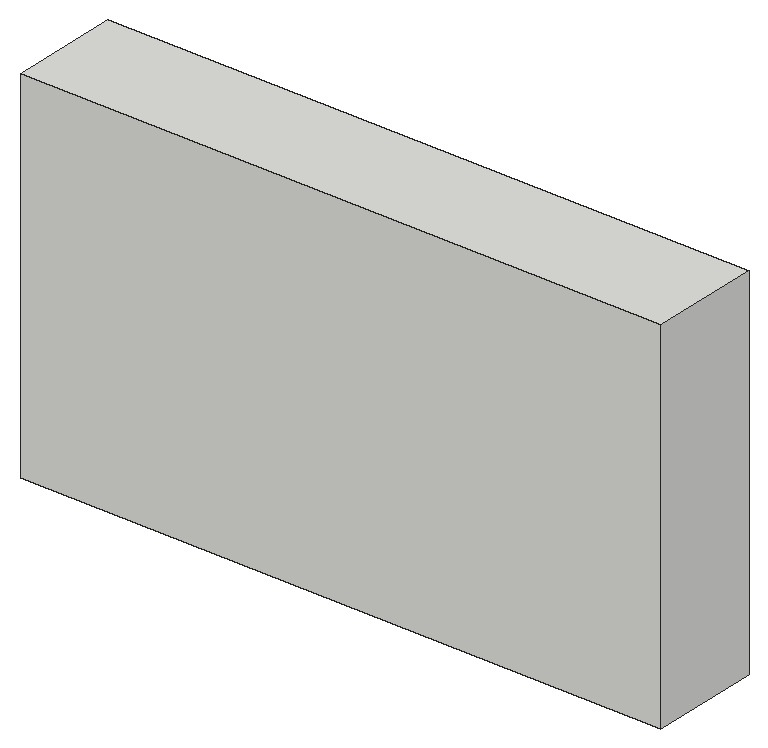
Revit family "T93060A Kubus65 Kombi LED stål Alog_Vegg", category Lighting Fixtures, Revit 2016
Family settings
  Part Type = Normal
  Round Connector Dimension = Use Diameter
  OmniClass Number = 23.80.70.11.21
  OmniClass Title = Emergency Lighting
  Work Plane-Based = No
  Always vertical = Yes
  Cut with Voids When Loaded = No
  Light Source = Yes
  Shared = No
  Room Calculation Point = No
Parameters (values of type "MarkeringsLys (45 Ned mot venstre)")
  Type Comments = "-UN"
  NS8360 = "4431_WT2"
  Markeringslys normal = no
  Markeringslys ikke normal = yes
  Keynote = "WT2"
  Height 2 = 0 mm  # constant formula
  Width = 63.5 mm
  Wattage Comments = "17 W"
  Wattage = 9.2903 W
  built-in parameter 1150110 = 1 (stored number, unit not read)
  Voltage = 230 V
  URL = ""
  built-in parameter 1114217 = 1 (stored number, unit not read)
  Tilt Angle = 90.00°
  built-in parameter 1150109 = 1 (stored number, unit not read)
  built-in parameter 1150134 = 3
  Symbol Positive Direction [instance] = yes
  Symbol Offset Side [instance] = 0 mm
  Symbol Offset Out [instance] = 0 mm
  built-in parameter 1150113 = 1 (stored number, unit not read)
  Reference Line Out [instance] = 50 mm
  Photometric Web File = "20x42A12.ies"
  Number of Poles = 1
  MarkeringsLys Venstre = no
  MarkeringsLys Ned = no
  MarkeringsLys Opp = no
  MarkeringsLys Høyre = no
  MarkeringsLys 45 Opp mot venstre = no
  MarkeringsLys 45 Opp mot høyre = no
  MarkeringsLys 45 Ned mot venstre = yes
  MarkeringsLys 45 Ned mot høyre = no
  ML = yes
  built-in parameter 1150105 = 109.82 (stored number, unit not read)
  Lumens = 1380 lm
  built-in parameter 1150115 = 1 (stored number, unit not read)
  Load Classification [instance] = Other
  Model = ""
  Manufacturer = "Honeywell"
  built-in parameter 1150137 = (empty or 0)
  built-in parameter 1150139 = (empty or 0)
  Length 1 = 340 mm
  Length = 370 mm
  LedeLys = no
  built-in parameter 1150112 = 1 (stored number, unit not read)
  built-in parameter 1150114 = 1 (stored number, unit not read)
  Lamp = "1"
  built-in parameter 1150132 = (empty or 0)
  built-in parameter 1150102 = (empty or 0)
  built-in parameter 1150107 = 3200 (stored number, unit not read)
  built-in parameter 1150138 = (empty or 0)
  built-in parameter 1150106 = 1.0982 (stored number, unit not read)
  Height 1 = 180 mm
  Height = 209 mm
  Emit from Rectangle Width = Height  # 209 mm
  Emit from Rectangle Length = Length  # 370 mm
  Emit Shape Visible in Rendering = no
  built-in parameter 1150104 = 13.8 (stored number, unit not read)
  Dimming Lamp Color Temperature Shift = <None>
  Description = ""
  Color Filter = 16777215
  Body Material and Colour = Steel
  built-in parameter 1114218 = 1 (stored number, unit not read)
  built-in parameter 1150133 = 10 (stored number, unit not read)
  Assembly Code = "4431"
  Apparent Load = 17 VA
Types (9, lengths in mm): name | NS8360 | Markeringslys normal | Markeringslys ikke normal | MarkeringsLys Venstre | MarkeringsLys Ned | MarkeringsLys Opp | MarkeringsLys Høyre | MarkeringsLys 45 Opp mot venstre | MarkeringsLys 45 Opp mot høyre | MarkeringsLys 45 Ned mot venstre | MarkeringsLys 45 Ned mot høyre | ML | LedeLys | Assembly Code
  LedeLys | "4432_WT2" | yes | no | no | no | no | no | no | no | no | no | no | yes | "4432"
  MarkeringsLys (Ned) | "4431_WT2" | yes | no | no | yes | no | no | no | no | no | no | yes | no | "4431"
  MarkeringsLys (Opp) | "4431_WT2" | yes | no | no | no | yes | no | no | no | no | no | yes | no | "4431"
  MarkeringsLys (Venstre) | "4431_WT2" | no | yes | yes | no | no | no | no | no | no | no | yes | no | "4431"
  MarkeringsLys (Høyre) | "4431_WT2" | yes | no | no | no | no | yes | no | no | no | no | yes | no | "4431"
  MarkeringsLys (45 Ned mot høyre) | "4431_WT2" | yes | no | no | no | no | no | no | no | no | yes | yes | no | "4431"
  MarkeringsLys (45 Ned mot venstre) | "4431_WT2" | no | yes | no | no | no | no | no | no | yes | no | yes | no | "4431"
  MarkeringsLys (45 Opp mot høyre) | "4431_WT2" | yes | no | no | no | no | no | no | yes | no | no | yes | no | "4431"
  MarkeringsLys (45 Opp mot venstre) | "4431_WT2" | no | yes | no | no | no | no | yes | no | no | no | yes | no | "4431"
Reference planes
  plane 1 "Light Source Axis (F/B)": y = 119.961
  plane 2 "Top": z = 83
  plane 3 "Light Source Axis (L/R)": x = 0
  plane 4 "Level": z = 0
  plane 5 "Bottom": z = -209
  plane 6: x = -185
  plane 7: x = 185
  plane 8: y = 181.461
  plane 9: y = 183.461
  plane 10: z = -14.5
  plane 11: x = -170
  plane 12: x = 170
  plane 13: z = -104.5
  plane 14: z = -194.5
  plane 15: x = -80
  plane 16: x = 80
  plane 17: y = 149.961
Forms (mm)
  Extrusion 1, solid, material "Steel" <- "Body Material and Colour"
    sketch origin (0, 119.961, 0) x (1, 0, 0) y (0, 0, 1)
      loop
        line (-185, 0) -> (-185, -209) -> (185, -209) -> (185, 0) -> (-185, 0)
    from 0 to -61.5
  Extrusion 2, solid, material "Steel" <- "Body Material and Colour"
    sketch origin (0, 119.961, 0) x (1, 0, 0) y (0, 0, 1)
      loop
        line (-185, 0) -> (-185, -209) -> (185, -209) -> (185, 0) -> (-185, 0)
      loop
        line (-170, -14.5) -> (-170, -194.5) -> (170, -194.5) -> (170, -14.5) -> (-170, -14.5)
    from -63.5 to -61.5
  Extrusion 3, solid, material "White"
    sketch origin (0, 119.961, 0) x (1, 0, 0) y (0, 0, 1)
      loop
        line (170, -14.5) -> (-170, -14.5) -> (-170, -194.5) -> (170, -194.5) -> (170, -14.5)
    from -61.5 to -30
Cuts and joins
  joined: Extrusion 1, Extrusion 2
Lines and regions (mm)
  model lines, style "InvisibleLines"
    curve 1: line (0, 119.961, 0) -> (0, 169.961, 0)
  symbolic lines, style "InvisibleLines"
    curve 2: line (0, 119.961, 60) -> (0, 119.961, 0)
Dimensions and locks
  equal spacing: plane 6, plane 3 "Light Source Axis (L/R)", plane 7
  "Length": plane 6 to plane 7
  plane 8 to plane 1 "Light Source Axis (F/B)" = 61.5 mm
  locked: plane 9 to plane 8 at 2
  equal spacing: plane 4 "Level", plane 13, plane 5 "Bottom"
  "Height": plane 4 "Level" to plane 5 "Bottom"
  equal spacing: plane 11, plane 3 "Light Source Axis (L/R)", plane 12
  "Length 1": plane 11 to plane 12
  equal spacing: plane 10, plane 13, plane 14
  "Height 1": plane 10 to plane 14
  "Width": plane 1 "Light Source Axis (F/B)" to plane 9
  "Reference Line Out": plane 1 "Light Source Axis (F/B)" to curve 1
  plane 11 to plane 6 = 15 mm
  "Height 2": level to plane 4 "Level"
  equal spacing: plane 16, plane 3 "Light Source Axis (L/R)", plane 15
  locked: plane 16 to plane 15 at 160
  plane 1 "Light Source Axis (F/B)" to plane 17 = 30 mm
  aligned and locked: plane 3 "Light Source Axis (L/R)" to nested 2
  aligned and locked: plane 1 "Light Source Axis (F/B)" to nested 2
  aligned and locked: plane 8 to nested 1
  aligned and locked: plane 4 "Level" to Extrusion 1 sketch curve
  aligned and locked: plane 6 to Extrusion 1 sketch curve
  aligned and locked: plane 5 "Bottom" to Extrusion 1 sketch curve
  aligned and locked: Extrusion 1 sketch curve to plane 7
  aligned and locked: Extrusion 1 to plane 8
  aligned and locked: plane 1 "Light Source Axis (F/B)" to Extrusion 1
  aligned and locked: plane 4 "Level" to Extrusion 2 sketch curve
  aligned and locked: Extrusion 2 sketch curve to plane 7
  aligned and locked: plane 5 "Bottom" to Extrusion 2 sketch curve
  aligned and locked: plane 6 to Extrusion 2 sketch curve
  aligned and locked: Extrusion 2 sketch curve to plane 10
  aligned and locked: plane 11 to Extrusion 2 sketch curve
  aligned and locked: plane 14 to Extrusion 2 sketch curve
  aligned and locked: Extrusion 2 sketch curve to plane 12
  aligned and locked: plane 8 to Extrusion 2
  aligned and locked: Extrusion 2 to plane 9
  aligned and locked: nested 1 to plane 13
  aligned and locked: plane 13 to imposter light
  aligned and locked: imposter light to plane 1 "Light Source Axis (F/B)"
  aligned and locked: imposter light to plane 3 "Light Source Axis (L/R)"
  aligned and locked: plane 1 "Light Source Axis (F/B)" to curve 1
  aligned and locked: plane 3 "Light Source Axis (L/R)" to curve 1
  aligned and locked: nested 3 to plane 3 "Light Source Axis (L/R)"
  aligned and locked: plane 13 to nested 3
  aligned and locked: nested 3 to plane 8
  aligned and locked: plane 13 to nested 4
  aligned and locked: nested 4 to plane 3 "Light Source Axis (L/R)"
  aligned and locked: nested 4 to plane 8
  aligned and locked: plane 13 to nested 5
  aligned and locked: nested 5 to plane 3 "Light Source Axis (L/R)"
  aligned and locked: nested 5 to plane 8
  aligned and locked: plane 13 to nested 6
  aligned and locked: nested 6 to plane 3 "Light Source Axis (L/R)"
  aligned and locked: nested 6 to plane 8
  aligned and locked: nested 7 to plane 8
  aligned and locked: nested 7 to plane 3 "Light Source Axis (L/R)"
  aligned and locked: plane 13 to nested 7
  aligned and locked: nested 8 to plane 8
  aligned and locked: nested 8 to plane 3 "Light Source Axis (L/R)"
  aligned and locked: plane 13 to nested 8
  aligned and locked: nested 9 to plane 8
  aligned and locked: plane 13 to nested 9
  aligned and locked: nested 9 to plane 3 "Light Source Axis (L/R)"
  aligned and locked: Extrusion 3 sketch curve to plane 12
  aligned and locked: plane 14 to Extrusion 3 sketch curve
  aligned and locked: plane 11 to Extrusion 3 sketch curve
  aligned and locked: Extrusion 3 sketch curve to plane 10
  aligned and locked: Extrusion 3 to plane 8
  aligned and locked: Extrusion 3 to plane 17
  aligned and locked: curve 2 to plane 3 "Light Source Axis (L/R)"
  aligned and locked: level to curve 2
  aligned and locked: plane 3 "Light Source Axis (L/R)" to nested 10
  aligned and locked: plane 1 "Light Source Axis (F/B)" to nested 10
Automatic sketch dimensions
  plane 2 "Top" to curve 2 = 23 mm
Nested families
  nested 1: "Formula 65_ned" at (0, 181.461, -104.5), type "Formula 65"
  nested 2: "LedelysS" at (0, 119.961, 0), visible <- "LedeLys", type "Type 1"
  nested 3: "Formula 65_skrått 45 grader ned mot høyre" at (0, 181.461, -104.5) x (-1, 0, 0) z (0, 0, 1), visible <- "LedeLys", type "Formula 65"
  nested 4: "Formula 65_skrått 45 grader ned mot venstre" at (0, 181.461, -104.5) x (-1, 0, 0) z (0, 0, 1), type "Formula 65"
  nested 5: "Formula 65_skrått 45 grader opp mot høyre" at (0, 181.461, -104.5) x (-1, 0, 0) z (0, 0, 1), type "Formula 65"
  nested 6: "Formula 65_skrått 45 grader opp mot venstre" at (0, 181.461, -104.5) x (-1, 0, 0) z (0, 0, 1), type "Formula 65"
  nested 7: "Formula 65_høyre" at (0, 181.461, -104.5) x (-1, 0, 0) z (0, 0, 1), type "Formula 65"
  nested 8: "Formula 65_opp" at (0, 181.461, -104.5) x (-1, 0, 0) z (0, 0, 1), type "Formula 65"
  nested 9: "Formula 65_venstre" at (0, 181.461, -104.5) x (-1, 0, 0) z (0, 0, 1), type "Formula 65"
  nested 10: "Markeringslys1sideS" at (0, 119.961, 0), visible <- "ML", type "Type 1"
Connectors
  electrical at (0, 119.961, 0), driven by "Number of Poles", driven by "Load Classification", driven by "Voltage", driven by "Apparent Load"
    settings: index 1, voltage 230 V, apparent load 0 VA, apparent load phase1 17 VA, apparent load phase2 0 VA, apparent load phase3 0 VA, power factor 1, load classification "Other", number of poles 1, system type 31, power factor state 1, is connector primary yes, connector utility no, sub classification motor no, connector description ""
Definition of nested family "Formula 65_skrått 45 grader ned mot venstre"
  Parameters (values of type "Formula 65")
    L = 205 mm
    H = 135 mm
    45 ned mot venstre = yes
  Reference planes
    plane 1 "Center (Front/Back)": y = 0
    plane 2: z = 0
    plane 3 "Center (Left/Right)": x = 0
    plane 4: y = -2
  Forms (mm)
    Extrusion 1, solid, visible <- "45 ned mot venstre"
      sketch origin (453.48, 0, -265.275) x (1, 0, 0) y (0, 0, 1)
        loop
          line (-283.48, 355.275) -> (-623.48, 355.275) -> (-623.48, 175.275) -> (-283.48, 175.275) -> (-283.48, 355.275)
        loop
          circle (-413.631, 316.426) r 9.538
        loop
          line (-405.818, 299.649) -> (-410.792, 294.675) -> (-405.215, 285.016) -> (-421.051, 271.728)
          arc (-421.051, 271.728) -> (-421.985, 269.934) -> (-421.377, 268.006) r 2.642
          line (-421.377, 268.006) -> (-419.113, 265.307)
          arc (-419.113, 265.307) -> (-417.319, 264.373) -> (-415.391, 264.981) r 2.642
          line (-415.391, 264.981) -> (-400.744, 277.271) -> (-394.037, 265.655) -> (-409.421, 252.746) -> (-409.421, 210.706)
          arc (-409.421, 210.706) -> (-408.132, 207.592) -> (-405.018, 206.303) r 4.403
          line (-405.018, 206.303) -> (-400.615, 206.303)
          arc (-400.615, 206.303) -> (-397.501, 207.592) -> (-396.211, 210.706) r 4.403
          line (-396.211, 210.706) -> (-396.211, 246.586) -> (-387.33, 254.038) -> (-380.295, 241.853) -> (-334.565, 241.853)
          arc (-334.565, 241.853) -> (-331.452, 243.143) -> (-330.162, 246.257) r 4.403
          line (-330.162, 246.257) -> (-330.162, 250.66)
          arc (-330.162, 250.66) -> (-331.452, 253.773) -> (-334.565, 255.063) r 4.403
          line (-334.565, 255.063) -> (-357.415, 255.063) -> (-379.592, 293.474) -> (-356.678, 289.013) -> (-348.425, 274.717)
          arc (-348.425, 274.717) -> (-346.753, 273.469) -> (-344.698, 273.823) r 2.642
          line (-344.698, 273.823) -> (-341.647, 275.804)
          arc (-341.647, 275.804) -> (-340.501, 277.47) -> (-340.87, 279.459) r 2.642
          line (-340.87, 279.459) -> (-352.354, 297.143) -> (-398.173, 306.065) -> (-405.818, 299.649)
        loop
          line (-564.312, 266.72) -> (-564.312, 224.97) -> (-522.562, 224.97) -> (-510.037, 237.495) -> (-539.262, 237.495) -> (-477.439, 299.317) -> (-489.964, 311.842) -> (-551.787, 250.02) -> (-551.787, 279.245) -> (-564.312, 266.72)
      from 0 to 2
  Dimensions and locks
    aligned and locked: level to plane 2
Definition of nested family "Formula 65_ned"
  Parameters (values of type "Formula 65")
    Ned = no
    L = 205 mm
    H = 135 mm
  Reference planes
    plane 1 "Center (Front/Back)": y = 0
    plane 2: z = 0
    plane 3 "Center (Left/Right)": x = 0
    plane 4: y = -2
  Forms (mm)
    Extrusion 1, solid, visible <- "Ned"
      sketch origin (453.48, 0, -265.275) x (1, 0, 0) y (0, 0, 1)
        loop
          line (-283.48, 355.275) -> (-623.48, 355.275) -> (-623.48, 175.275) -> (-283.48, 175.275) -> (-283.48, 355.275)
        loop
          line (-488.223, 237.797) -> (-488.223, 255.51) -> (-508.888, 234.844) -> (-508.888, 322.275) -> (-526.602, 322.275) -> (-526.602, 234.844) -> (-547.267, 255.51) -> (-547.267, 237.797) -> (-517.745, 208.275) -> (-488.223, 237.797)
        loop
          circle (-413.631, 316.426) r 9.538
        loop
          line (-405.818, 299.649) -> (-410.792, 294.675) -> (-405.215, 285.016) -> (-421.051, 271.728)
          arc (-421.051, 271.728) -> (-421.985, 269.934) -> (-421.377, 268.006) r 2.642
          line (-421.377, 268.006) -> (-419.113, 265.307)
          arc (-419.113, 265.307) -> (-417.319, 264.373) -> (-415.391, 264.981) r 2.642
          line (-415.391, 264.981) -> (-400.744, 277.271) -> (-394.037, 265.655) -> (-409.421, 252.746) -> (-409.421, 210.706)
          arc (-409.421, 210.706) -> (-408.132, 207.592) -> (-405.018, 206.303) r 4.403
          line (-405.018, 206.303) -> (-400.615, 206.303)
          arc (-400.615, 206.303) -> (-397.501, 207.592) -> (-396.211, 210.706) r 4.403
          line (-396.211, 210.706) -> (-396.211, 246.586) -> (-387.33, 254.038) -> (-380.295, 241.853) -> (-334.565, 241.853)
          arc (-334.565, 241.853) -> (-331.452, 243.143) -> (-330.162, 246.257) r 4.403
          line (-330.162, 246.257) -> (-330.162, 250.66)
          arc (-330.162, 250.66) -> (-331.452, 253.773) -> (-334.565, 255.063) r 4.403
          line (-334.565, 255.063) -> (-357.415, 255.063) -> (-379.592, 293.474) -> (-356.678, 289.013) -> (-348.425, 274.717)
          arc (-348.425, 274.717) -> (-346.753, 273.469) -> (-344.698, 273.823) r 2.642
          line (-344.698, 273.823) -> (-341.647, 275.804)
          arc (-341.647, 275.804) -> (-340.501, 277.47) -> (-340.87, 279.459) r 2.642
          line (-340.87, 279.459) -> (-352.354, 297.143) -> (-398.173, 306.065) -> (-405.818, 299.649)
      from 0 to 2
  Dimensions and locks
    aligned and locked: level to plane 2
Definition of nested family "LedelysS"
  Parameters
    CQ Symbol Positive Direction = yes
    CQ Symbol Negative Direction = not(CQ Symbol Positive Direction)  # no
    CQ Symbol Offset Side = 0 mm
    CQ Symbol Offset Out = 0 mm
  Reference planes
    plane 1: y = 0
    plane 2: x = 0
  Dimensions and locks
    "CQ Symbol Offset Out": plane 1 to nested 1
    "CQ Symbol Offset Out": plane 1 to nested 2
    "CQ Symbol Offset Side": plane 2 to nested 2
    "CQ Symbol Offset Side": nested 1 to plane 2
  Nested families
    nested 1: "LedelysSub" at (0, 0, 0), visible <- "CQ Symbol Negative Direction", type "Type 1"
    nested 2: "LedelysSub" at (0, 0, 0), visible <- "CQ Symbol Positive Direction", type "Type 1"
  Definition of nested family "LedelysSub"
    Reference planes
      plane 1: y = 0
      plane 2: x = 0
    Lines and regions (mm)
      detail lines
        curve 1: line (-4, 0, 0) -> (4, 0, 0)
        curve 2: line (4, 0, 0) -> (4, 4, 0)
        curve 3: line (4, 4, 0) -> (-4, 4, 0)
        curve 4: line (-4, 4, 0) -> (-4, 0, 0)
        curve 5: line (-3.097, 0.75, 0) -> (-0.597, 3.25, 0)
        curve 6: line (-3.097, 3.25, 0) -> (-0.597, 0.75, 0)
        curve 7: circle (-1.847, 2, 0) r 1.2 normal (0, 0, 1)
    Text (mm)
      text "LL" at (2.179, 3.025, 0)
Definition of nested family "Formula 65_skrått 45 grader ned mot høyre"
  Parameters (values of type "Formula 65")
    L = 205 mm
    H = 135 mm
    45 ned mot høyre = no
  Reference planes
    plane 1 "Center (Front/Back)": y = 0
    plane 2: z = 0
    plane 3 "Center (Left/Right)": x = 0
    plane 4: y = -2
    plane 5: x = -242.63
    plane 6: x = 245
  Forms (mm)
    Extrusion 1, solid, visible <- "45 ned mot høyre"
      sketch origin (453.48, 0, -265.275) x (1, 0, 0) y (0, 0, 1)
        loop
          line (-283.48, 355.275) -> (-623.48, 355.275) -> (-623.48, 175.275) -> (-283.48, 175.275) -> (-283.48, 355.275)
        loop
          circle (-493.329, 316.426) r 9.538
        loop
          line (-501.141, 299.649) -> (-508.786, 306.065) -> (-554.605, 297.143) -> (-566.089, 279.459)
          arc (-566.089, 279.459) -> (-566.458, 277.47) -> (-565.312, 275.804) r 2.642
          line (-565.312, 275.804) -> (-562.261, 273.823)
          arc (-562.261, 273.823) -> (-560.206, 273.469) -> (-558.534, 274.717) r 2.642
          line (-558.534, 274.717) -> (-550.281, 289.013) -> (-527.367, 293.474) -> (-549.544, 255.063) -> (-572.394, 255.063)
          arc (-572.394, 255.063) -> (-575.507, 253.773) -> (-576.797, 250.66) r 4.403
          line (-576.797, 250.66) -> (-576.797, 246.257)
          arc (-576.797, 246.257) -> (-575.507, 243.143) -> (-572.394, 241.853) r 4.403
          line (-572.394, 241.853) -> (-526.664, 241.853) -> (-519.629, 254.038) -> (-510.748, 246.586) -> (-510.748, 210.706)
          arc (-510.748, 210.706) -> (-509.458, 207.592) -> (-506.344, 206.303) r 4.403
          line (-506.344, 206.303) -> (-501.941, 206.303)
          arc (-501.941, 206.303) -> (-498.828, 207.592) -> (-497.538, 210.706) r 4.403
          line (-497.538, 210.706) -> (-497.538, 252.746) -> (-512.922, 265.655) -> (-506.215, 277.271) -> (-491.568, 264.981)
          arc (-491.568, 264.981) -> (-489.64, 264.373) -> (-487.846, 265.307) r 2.642
          line (-487.846, 265.307) -> (-485.582, 268.006)
          arc (-485.582, 268.006) -> (-484.974, 269.934) -> (-485.908, 271.728) r 2.642
          line (-485.908, 271.728) -> (-501.744, 285.016) -> (-496.167, 294.675) -> (-501.141, 299.649)
        loop
          line (-336.647, 266.72) -> (-349.172, 279.245) -> (-349.172, 250.02) -> (-410.995, 311.842) -> (-423.52, 299.317) -> (-361.697, 237.495) -> (-390.923, 237.495) -> (-378.397, 224.97) -> (-336.647, 224.97) -> (-336.647, 266.72)
      from 0 to 2
  Dimensions and locks
    aligned and locked: level to plane 2
Definition of nested family "Formula 65_skrått 45 grader opp mot høyre"
  Parameters (values of type "Formula 65")
    L = 205 mm
    H = 135 mm
    45 grader opp mot høyre = yes
  Reference planes
    plane 1 "Center (Front/Back)": y = 0
    plane 2: z = 0
    plane 3 "Center (Left/Right)": x = 0
    plane 4: y = -2
  Forms (mm)
    Extrusion 1, solid, visible <- "45 grader opp mot høyre"
      sketch origin (453.48, 0, -265.275) x (1, 0, 0) y (0, 0, 1)
        loop
          line (-283.48, 355.275) -> (-623.48, 355.275) -> (-623.48, 175.275) -> (-283.48, 175.275) -> (-283.48, 355.275)
        loop
          circle (-493.329, 316.426) r 9.538
        loop
          line (-501.141, 299.649) -> (-508.786, 306.065) -> (-554.605, 297.143) -> (-566.089, 279.459)
          arc (-566.089, 279.459) -> (-566.458, 277.47) -> (-565.312, 275.804) r 2.642
          line (-565.312, 275.804) -> (-562.261, 273.823)
          arc (-562.261, 273.823) -> (-560.206, 273.469) -> (-558.534, 274.717) r 2.642
          line (-558.534, 274.717) -> (-550.281, 289.013) -> (-527.367, 293.474) -> (-549.544, 255.063) -> (-572.394, 255.063)
          arc (-572.394, 255.063) -> (-575.507, 253.773) -> (-576.797, 250.66) r 4.403
          line (-576.797, 250.66) -> (-576.797, 246.257)
          arc (-576.797, 246.257) -> (-575.507, 243.143) -> (-572.394, 241.853) r 4.403
          line (-572.394, 241.853) -> (-526.664, 241.853) -> (-519.629, 254.038) -> (-510.748, 246.586) -> (-510.748, 210.706)
          arc (-510.748, 210.706) -> (-509.458, 207.592) -> (-506.344, 206.303) r 4.403
          line (-506.344, 206.303) -> (-501.941, 206.303)
          arc (-501.941, 206.303) -> (-498.828, 207.592) -> (-497.538, 210.706) r 4.403
          line (-497.538, 210.706) -> (-497.538, 252.746) -> (-512.922, 265.655) -> (-506.215, 277.271) -> (-491.568, 264.981)
          arc (-491.568, 264.981) -> (-489.64, 264.373) -> (-487.846, 265.307) r 2.642
          line (-487.846, 265.307) -> (-485.582, 268.006)
          arc (-485.582, 268.006) -> (-484.974, 269.934) -> (-485.908, 271.728) r 2.642
          line (-485.908, 271.728) -> (-501.744, 285.016) -> (-496.167, 294.675) -> (-501.141, 299.649)
        loop
          line (-336.647, 263.83) -> (-336.647, 305.58) -> (-378.397, 305.58) -> (-390.923, 293.055) -> (-361.697, 293.055) -> (-423.52, 231.232) -> (-410.995, 218.707) -> (-349.172, 280.53) -> (-349.172, 251.304) -> (-336.647, 263.83)
      from 0 to 2
  Dimensions and locks
    aligned and locked: level to plane 2
Definition of nested family "Formula 65_skrått 45 grader opp mot venstre"
  Parameters (values of type "Formula 65")
    L = 205 mm
    H = 135 mm
    45 opp mot venstre = no
  Reference planes
    plane 1 "Center (Front/Back)": y = 0
    plane 2: z = 0
    plane 3 "Center (Left/Right)": x = 0
    plane 4: y = -2
  Forms (mm)
    Extrusion 1, solid, visible <- "45 opp mot venstre"
      sketch origin (453.48, 0, -265.275) x (1, 0, 0) y (0, 0, 1)
        loop
          line (-283.48, 355.275) -> (-623.48, 355.275) -> (-623.48, 175.275) -> (-283.48, 175.275) -> (-283.48, 355.275)
        loop
          circle (-413.631, 316.426) r 9.538
        loop
          line (-405.818, 299.649) -> (-410.792, 294.675) -> (-405.215, 285.016) -> (-421.051, 271.728)
          arc (-421.051, 271.728) -> (-421.985, 269.934) -> (-421.377, 268.006) r 2.642
          line (-421.377, 268.006) -> (-419.113, 265.307)
          arc (-419.113, 265.307) -> (-417.319, 264.373) -> (-415.391, 264.981) r 2.642
          line (-415.391, 264.981) -> (-400.744, 277.271) -> (-394.037, 265.655) -> (-409.421, 252.746) -> (-409.421, 210.706)
          arc (-409.421, 210.706) -> (-408.132, 207.592) -> (-405.018, 206.303) r 4.403
          line (-405.018, 206.303) -> (-400.615, 206.303)
          arc (-400.615, 206.303) -> (-397.501, 207.592) -> (-396.211, 210.706) r 4.403
          line (-396.211, 210.706) -> (-396.211, 246.586) -> (-387.33, 254.038) -> (-380.295, 241.853) -> (-334.565, 241.853)
          arc (-334.565, 241.853) -> (-331.452, 243.143) -> (-330.162, 246.257) r 4.403
          line (-330.162, 246.257) -> (-330.162, 250.66)
          arc (-330.162, 250.66) -> (-331.452, 253.773) -> (-334.565, 255.063) r 4.403
          line (-334.565, 255.063) -> (-357.415, 255.063) -> (-379.592, 293.474) -> (-356.678, 289.013) -> (-348.425, 274.717)
          arc (-348.425, 274.717) -> (-346.753, 273.469) -> (-344.698, 273.823) r 2.642
          line (-344.698, 273.823) -> (-341.647, 275.804)
          arc (-341.647, 275.804) -> (-340.501, 277.47) -> (-340.87, 279.459) r 2.642
          line (-340.87, 279.459) -> (-352.354, 297.143) -> (-398.173, 306.065) -> (-405.818, 299.649)
        loop
          line (-576.312, 263.83) -> (-563.787, 251.304) -> (-563.787, 280.53) -> (-501.964, 218.707) -> (-489.439, 231.232) -> (-551.262, 293.055) -> (-522.037, 293.055) -> (-534.562, 305.58) -> (-576.312, 305.58) -> (-576.312, 263.83)
      from 0 to 2
  Dimensions and locks
    aligned and locked: level to plane 2
Definition of nested family "Formula 65_høyre"
  Parameters (values of type "Formula 65")
    L = 205 mm
    Høyre = no
    H = 135 mm
  Reference planes
    plane 1 "Center (Front/Back)": y = 0
    plane 2: z = 0
    plane 3 "Center (Left/Right)": x = 0
    plane 4: y = -2
  Forms (mm)
    Extrusion 1, solid, visible <- "Høyre"
      sketch origin (453.48, 0, -265.275) x (1, 0, 0) y (0, 0, 1)
        loop
          line (-283.48, 355.275) -> (-623.48, 355.275) -> (-623.48, 175.275) -> (-283.48, 175.275) -> (-283.48, 355.275)
        loop
          circle (-493.329, 316.426) r 9.538
        loop
          line (-501.141, 299.649) -> (-508.786, 306.065) -> (-554.605, 297.143) -> (-566.089, 279.459)
          arc (-566.089, 279.459) -> (-566.458, 277.47) -> (-565.312, 275.804) r 2.642
          line (-565.312, 275.804) -> (-562.261, 273.823)
          arc (-562.261, 273.823) -> (-560.206, 273.469) -> (-558.534, 274.717) r 2.642
          line (-558.534, 274.717) -> (-550.281, 289.013) -> (-527.367, 293.474) -> (-549.544, 255.063) -> (-572.394, 255.063)
          arc (-572.394, 255.063) -> (-575.507, 253.773) -> (-576.797, 250.66) r 4.403
          line (-576.797, 250.66) -> (-576.797, 246.257)
          arc (-576.797, 246.257) -> (-575.507, 243.143) -> (-572.394, 241.853) r 4.403
          line (-572.394, 241.853) -> (-526.664, 241.853) -> (-519.629, 254.038) -> (-510.748, 246.586) -> (-510.748, 210.706)
          arc (-510.748, 210.706) -> (-509.458, 207.592) -> (-506.344, 206.303) r 4.403
          line (-506.344, 206.303) -> (-501.941, 206.303)
          arc (-501.941, 206.303) -> (-498.828, 207.592) -> (-497.538, 210.706) r 4.403
          line (-497.538, 210.706) -> (-497.538, 252.746) -> (-512.922, 265.655) -> (-506.215, 277.271) -> (-491.568, 264.981)
          arc (-491.568, 264.981) -> (-489.64, 264.373) -> (-487.846, 265.307) r 2.642
          line (-487.846, 265.307) -> (-485.582, 268.006)
          arc (-485.582, 268.006) -> (-484.974, 269.934) -> (-485.908, 271.728) r 2.642
          line (-485.908, 271.728) -> (-501.744, 285.016) -> (-496.167, 294.675) -> (-501.141, 299.649)
        loop
          line (-346.474, 294.797) -> (-364.187, 294.797) -> (-343.522, 274.131) -> (-430.952, 274.131) -> (-430.952, 256.418) -> (-343.522, 256.418) -> (-364.187, 235.753) -> (-346.474, 235.753) -> (-316.952, 265.275) -> (-346.474, 294.797)
      from 0 to 2
  Dimensions and locks
    aligned and locked: level to plane 2
Definition of nested family "Formula 65_opp"
  Parameters (values of type "Formula 65")
    Up = no
    L = 205 mm
    H = 135 mm
  Reference planes
    plane 1 "Center (Front/Back)": y = 0
    plane 2: z = 0
    plane 3 "Center (Left/Right)": x = 0
    plane 4: y = -2
  Forms (mm)
    Extrusion 1, solid, visible <- "Up"
      sketch origin (453.48, 0, -265.275) x (1, 0, 0) y (0, 0, 1)
        loop
          line (-283.48, 355.275) -> (-623.48, 355.275) -> (-623.48, 175.275) -> (-283.48, 175.275) -> (-283.48, 355.275)
        loop
          circle (-413.631, 316.426) r 9.538
        loop
          line (-405.818, 299.649) -> (-410.792, 294.675) -> (-405.215, 285.016) -> (-421.051, 271.728)
          arc (-421.051, 271.728) -> (-421.985, 269.934) -> (-421.377, 268.006) r 2.642
          line (-421.377, 268.006) -> (-419.113, 265.307)
          arc (-419.113, 265.307) -> (-417.319, 264.373) -> (-415.391, 264.981) r 2.642
          line (-415.391, 264.981) -> (-400.744, 277.271) -> (-394.037, 265.655) -> (-409.421, 252.746) -> (-409.421, 210.706)
          arc (-409.421, 210.706) -> (-408.132, 207.592) -> (-405.018, 206.303) r 4.403
          line (-405.018, 206.303) -> (-400.615, 206.303)
          arc (-400.615, 206.303) -> (-397.501, 207.592) -> (-396.211, 210.706) r 4.403
          line (-396.211, 210.706) -> (-396.211, 246.586) -> (-387.33, 254.038) -> (-380.295, 241.853) -> (-334.565, 241.853)
          arc (-334.565, 241.853) -> (-331.452, 243.143) -> (-330.162, 246.257) r 4.403
          line (-330.162, 246.257) -> (-330.162, 250.66)
          arc (-330.162, 250.66) -> (-331.452, 253.773) -> (-334.565, 255.063) r 4.403
          line (-334.565, 255.063) -> (-357.415, 255.063) -> (-379.592, 293.474) -> (-356.678, 289.013) -> (-348.425, 274.717)
          arc (-348.425, 274.717) -> (-346.753, 273.469) -> (-344.698, 273.823) r 2.642
          line (-344.698, 273.823) -> (-341.647, 275.804)
          arc (-341.647, 275.804) -> (-340.501, 277.47) -> (-340.87, 279.459) r 2.642
          line (-340.87, 279.459) -> (-352.354, 297.143) -> (-398.173, 306.065) -> (-405.818, 299.649)
        loop
          line (-488.223, 292.753) -> (-517.745, 322.275) -> (-547.267, 292.753) -> (-547.267, 275.04) -> (-526.602, 295.705) -> (-526.602, 208.275) -> (-508.888, 208.275) -> (-508.888, 295.705) -> (-488.223, 275.04) -> (-488.223, 292.753)
      from 0 to 2
  Dimensions and locks
    aligned and locked: level to plane 2
Definition of nested family "Formula 65_venstre"
  Parameters (values of type "Formula 65")
    Venstre = no
    L = 340 mm
    H = 135 mm
  Reference planes
    plane 1 "Center (Front/Back)": y = 0
    plane 2: z = 0
    plane 3 "Center (Left/Right)": x = 0
    plane 4: y = -2
  Forms (mm)
    Extrusion 1, solid, visible <- "Venstre"
      sketch origin (453.48, 0, -265.275) x (1, 0, 0) y (0, 0, 1)
        loop
          line (-283.48, 355.275) -> (-623.48, 355.275) -> (-623.48, 175.275) -> (-283.48, 175.275) -> (-283.48, 355.275)
        loop
          circle (-413.631, 316.426) r 9.538
        loop
          line (-405.818, 299.649) -> (-410.792, 294.675) -> (-405.215, 285.016) -> (-421.051, 271.728)
          arc (-421.051, 271.728) -> (-421.985, 269.934) -> (-421.377, 268.006) r 2.642
          line (-421.377, 268.006) -> (-419.113, 265.307)
          arc (-419.113, 265.307) -> (-417.319, 264.373) -> (-415.391, 264.981) r 2.642
          line (-415.391, 264.981) -> (-400.744, 277.271) -> (-394.037, 265.655) -> (-409.421, 252.746) -> (-409.421, 210.706)
          arc (-409.421, 210.706) -> (-408.132, 207.592) -> (-405.018, 206.303) r 4.403
          line (-405.018, 206.303) -> (-400.615, 206.303)
          arc (-400.615, 206.303) -> (-397.501, 207.592) -> (-396.211, 210.706) r 4.403
          line (-396.211, 210.706) -> (-396.211, 246.586) -> (-387.33, 254.038) -> (-380.295, 241.853) -> (-334.565, 241.853)
          arc (-334.565, 241.853) -> (-331.452, 243.143) -> (-330.162, 246.257) r 4.403
          line (-330.162, 246.257) -> (-330.162, 250.66)
          arc (-330.162, 250.66) -> (-331.452, 253.773) -> (-334.565, 255.063) r 4.403
          line (-334.565, 255.063) -> (-357.415, 255.063) -> (-379.592, 293.474) -> (-356.678, 289.013) -> (-348.425, 274.717)
          arc (-348.425, 274.717) -> (-346.753, 273.469) -> (-344.698, 273.823) r 2.642
          line (-344.698, 273.823) -> (-341.647, 275.804)
          arc (-341.647, 275.804) -> (-340.501, 277.47) -> (-340.87, 279.459) r 2.642
          line (-340.87, 279.459) -> (-352.354, 297.143) -> (-398.173, 306.065) -> (-405.818, 299.649)
        loop
          line (-549.985, 294.797) -> (-579.507, 265.275) -> (-549.985, 235.753) -> (-532.272, 235.753) -> (-552.937, 256.418) -> (-465.507, 256.418) -> (-465.507, 274.131) -> (-552.937, 274.131) -> (-532.272, 294.797) -> (-549.985, 294.797)
      from 0 to 2
  Dimensions and locks
    aligned and locked: level to plane 2
Definition of nested family "Markeringslys1sideS"
  Parameters (values of type "Type 1")
    Venstre opp 45 = no
    Venstre ned 45 = no
    Venstre = no
    Opp = no
    Normal = yes
    Ned = no
    Ikke normal = no
    Høyre opp 45 = no
    Høyre ned 45 = yes
    Høyre = no
    CQ Symbol Positive Direction = yes
    CQ Symbol Negative Direction = not(CQ Symbol Positive Direction)  # no
    CQ Symbol Offset Side = 0 mm
    CQ Symbol Offset Out = 0 mm
  Reference planes
    plane 1: y = 0
    plane 2: x = 0
  Dimensions and locks
    "CQ Symbol Offset Out": plane 1 to nested 1
    "CQ Symbol Offset Out": plane 1 to nested 2
    "CQ Symbol Offset Side": plane 2 to nested 2
    "CQ Symbol Offset Side": nested 1 to plane 2
  Nested families
    nested 1: "Markeringslys dobbel" at (0, 0, 0), visible <- "CQ Symbol Negative Direction", type "Type 1"
    nested 2: "Markeringslys dobbel" at (0, 0, 0), visible <- "CQ Symbol Positive Direction", type "Type 1"
  Definition of nested family "Markeringslys dobbel"
    Parameters (values of type "Type 1")
      Venstre opp 45 = no
      Venstre ned 45 = no
      Venstre = yes
      Opp = no
      Normal = no
      Ned = no
      Ikke normal = yes
      Høyre opp 45 = no
      Høyre ned 45 = no
      Høyre = no
    Reference planes
      plane 1: y = 0
      plane 2: x = 0
    Lines and regions (mm)
      detail lines
        curve 1: line (-4, 0, 0) -> (4, 0, 0)
        curve 2: line (-4, 4, 0) -> (4, 4, 0)
        curve 3: line (4, 4, 0) -> (4, 0, 0)
        curve 4: line (4, 0, 0) -> (-4, 0, 0)
        curve 5: line (-4, 0, 0) -> (-4, 4, 0)
      detail lines, visible <- "Ned"
        curve 6: line (-2.346, 0.5, 0) -> (-1.646, 0.5, 0)
        curve 7: line (-2.346, 0.5, 0) -> (-2.346, 2.584, 0)
        curve 8: line (-1.646, 0.5, 0) -> (-1.646, 2.584, 0)
        curve 9: line (-1.996, 3.5, 0) -> (-2.996, 2.5, 0)
        curve 10: line (-2.996, 2.5, 0) -> (-2.996, 1.934, 0)
        curve 11: line (-2.996, 1.934, 0) -> (-2.346, 2.584, 0)
        curve 12: line (-1.996, 3.5, 0) -> (-0.996, 2.5, 0)
        curve 13: line (-0.996, 2.5, 0) -> (-0.996, 1.934, 0)
        curve 14: line (-0.996, 1.934, 0) -> (-1.646, 2.584, 0)
      detail lines, visible <- "Normal"
        curve 15: circle (1.212, 0.614, 0) r 0.3 normal (0, 0, -1)
        curve 16: line (0.986, 3.7, 0) -> (1.395, 3.7, 0)
        curve 17: line (0.986, 3.7, 0) -> (1.823, 2.308, 0)
        curve 18: line (1.823, 2.308, 0) -> (1.461, 1.495, 0)
        curve 19: line (1.069, 2.147, 0) -> (1.461, 1.495, 0)
        curve 20: line (1.069, 2.147, 0) -> (0.487, 2.147, 0)
        curve 21: line (0.487, 2.147, 0) -> (0.487, 1.847, 0)
        curve 22: line (0.487, 1.847, 0) -> (0.899, 1.847, 0)
        curve 23: line (0.899, 1.847, 0) -> (1.307, 1.169, 0)
        curve 24: line (1.395, 3.7, 0) -> (2.104, 2.518, 0)
        curve 25: line (1.307, 1.169, 0) -> (1.753, 0.97, 0)
        curve 26: line (1.753, 0.97, 0) -> (2.625, 0.97, 0)
        curve 27: line (2.625, 0.97, 0) -> (2.99, 1.627, 0)
        curve 28: line (2.99, 1.627, 0) -> (2.769, 1.848, 0)
        curve 29: line (2.769, 1.848, 0) -> (2.457, 1.285, 0)
        curve 30: line (2.104, 2.518, 0) -> (2.259, 3.229, 0)
        curve 31: line (2.259, 3.229, 0) -> (3.557, 3.229, 0)
        curve 32: line (3.557, 3.229, 0) -> (3.457, 2.879, 0)
        curve 33: line (3.457, 2.879, 0) -> (2.541, 2.879, 0)
        curve 34: line (2.541, 2.879, 0) -> (2.4, 2.23, 0)
        curve 35: line (2.4, 2.23, 0) -> (2.021, 1.38, 0)
        curve 36: line (2.021, 1.38, 0) -> (2.457, 1.285, 0)
      detail lines, visible <- "Opp"
        curve 37: line (-1.646, 3.5, 0) -> (-2.346, 3.5, 0)
        curve 38: line (-1.646, 3.5, 0) -> (-1.646, 1.416, 0)
        curve 39: line (-2.346, 3.5, 0) -> (-2.346, 1.416, 0)
        curve 40: line (-1.996, 0.5, 0) -> (-0.996, 1.5, 0)
        curve 41: line (-0.996, 1.5, 0) -> (-0.996, 2.066, 0)
        curve 42: line (-0.996, 2.066, 0) -> (-1.646, 1.416, 0)
        curve 43: line (-1.996, 0.5, 0) -> (-2.996, 1.5, 0)
        curve 44: line (-2.996, 1.5, 0) -> (-2.996, 2.066, 0)
        curve 45: line (-2.996, 2.066, 0) -> (-2.346, 1.416, 0)
      detail lines, visible <- "Høyre"
        curve 46: line (-0.496, 1.65, 0) -> (-0.496, 2.35, 0)
        curve 47: line (-0.496, 1.65, 0) -> (-2.58, 1.65, 0)
        curve 48: line (-0.496, 2.35, 0) -> (-2.58, 2.35, 0)
        curve 49: line (-3.496, 2, 0) -> (-2.466, 0.97, 0)
        curve 50: line (-2.496, 1, 0) -> (-1.93, 1, 0)
        curve 51: line (-1.93, 1, 0) -> (-2.58, 1.65, 0)
        curve 52: line (-3.496, 2, 0) -> (-2.496, 3, 0)
        curve 53: line (-2.496, 3, 0) -> (-1.93, 3, 0)
        curve 54: line (-1.93, 3, 0) -> (-2.58, 2.35, 0)
      detail lines, visible <- "Ikke normal"
        curve 55: circle (-1.299, 0.614, 0) r 0.3 normal (0, 0, 1)
        curve 56: line (-1.073, 3.7, 0) -> (-1.482, 3.7, 0)
        curve 57: line (-1.073, 3.7, 0) -> (-1.91, 2.308, 0)
        curve 58: line (-1.91, 2.308, 0) -> (-1.548, 1.495, 0)
        curve 59: line (-1.156, 2.147, 0) -> (-1.548, 1.495, 0)
        curve 60: line (-1.156, 2.147, 0) -> (-0.574, 2.147, 0)
        curve 61: line (-0.574, 2.147, 0) -> (-0.574, 1.847, 0)
        curve 62: line (-0.574, 1.847, 0) -> (-0.986, 1.847, 0)
        curve 63: line (-0.986, 1.847, 0) -> (-1.394, 1.169, 0)
        curve 64: line (-1.482, 3.7, 0) -> (-2.192, 2.518, 0)
        curve 65: line (-1.394, 1.169, 0) -> (-1.84, 0.97, 0)
        curve 66: line (-1.84, 0.97, 0) -> (-2.713, 0.97, 0)
        curve 67: line (-2.713, 0.97, 0) -> (-3.077, 1.627, 0)
        curve 68: line (-3.077, 1.627, 0) -> (-2.856, 1.848, 0)
        curve 69: line (-2.856, 1.848, 0) -> (-2.544, 1.285, 0)
        curve 70: line (-2.192, 2.518, 0) -> (-2.346, 3.229, 0)
        curve 71: line (-2.346, 3.229, 0) -> (-3.644, 3.229, 0)
        curve 72: line (-3.644, 3.229, 0) -> (-3.544, 2.879, 0)
        curve 73: line (-3.544, 2.879, 0) -> (-2.628, 2.879, 0)
        curve 74: line (-2.628, 2.879, 0) -> (-2.487, 2.23, 0)
        curve 75: line (-2.487, 2.23, 0) -> (-2.108, 1.38, 0)
        curve 76: line (-2.108, 1.38, 0) -> (-2.544, 1.285, 0)
      detail lines, visible <- "Venstre"
        curve 77: line (0.409, 1.65, 0) -> (0.409, 2.35, 0)
        curve 78: line (0.409, 1.65, 0) -> (2.493, 1.65, 0)
        curve 79: line (0.409, 2.35, 0) -> (2.493, 2.35, 0)
        curve 80: line (3.409, 2, 0) -> (2.409, 1, 0)
        curve 81: line (2.409, 1, 0) -> (1.843, 1, 0)
        curve 82: line (1.843, 1, 0) -> (2.493, 1.65, 0)
        curve 83: line (3.409, 2, 0) -> (2.409, 3, 0)
        curve 84: line (2.409, 3, 0) -> (1.843, 3, 0)
        curve 85: line (1.843, 3, 0) -> (2.493, 2.35, 0)
      detail lines, visible <- "Venstre opp 45"
        curve 86: line (0.601, 2.813, 0) -> (1.096, 3.308, 0)
        curve 87: line (0.601, 2.813, 0) -> (2.075, 1.339, 0)
        curve 88: line (1.096, 3.308, 0) -> (2.57, 1.834, 0)
        curve 89: line (2.97, 0.939, 0) -> (1.556, 0.939, 0)
        curve 90: line (1.556, 0.939, 0) -> (1.156, 1.339, 0)
        curve 91: line (1.156, 1.339, 0) -> (2.075, 1.339, 0)
        curve 92: line (2.97, 0.939, 0) -> (2.97, 2.354, 0)
        curve 93: line (2.97, 2.354, 0) -> (2.57, 2.754, 0)
        curve 94: line (2.57, 2.754, 0) -> (2.57, 1.834, 0)
      detail lines, visible <- "Venstre ned 45"
        curve 95: line (1.096, 0.939, 0) -> (0.601, 1.434, 0)
        curve 96: line (1.096, 0.939, 0) -> (2.57, 2.413, 0)
        curve 97: line (0.601, 1.434, 0) -> (2.075, 2.908, 0)
        curve 98: line (2.97, 3.308, 0) -> (2.97, 1.894, 0)
        curve 99: line (2.97, 1.894, 0) -> (2.57, 1.494, 0)
        curve 100: line (2.57, 1.494, 0) -> (2.57, 2.413, 0)
        curve 101: line (2.97, 3.308, 0) -> (1.556, 3.308, 0)
        curve 102: line (1.556, 3.308, 0) -> (1.156, 2.908, 0)
        curve 103: line (1.156, 2.908, 0) -> (2.075, 2.908, 0)
      detail lines, visible <- "Høyre ned 45"
        curve 104: line (-1.18, 0.517, 0) -> (-0.685, 1.012, 0)
        curve 105: line (-1.18, 0.517, 0) -> (-2.654, 1.991, 0)
        curve 106: line (-0.685, 1.012, 0) -> (-2.159, 2.486, 0)
        curve 107: line (-3.054, 2.886, 0) -> (-3.054, 1.472, 0)
        curve 108: line (-3.054, 1.472, 0) -> (-2.654, 1.072, 0)
        curve 109: line (-2.654, 1.072, 0) -> (-2.654, 1.991, 0)
        curve 110: line (-3.054, 2.886, 0) -> (-1.64, 2.886, 0)
        curve 111: line (-1.64, 2.886, 0) -> (-1.24, 2.486, 0)
        curve 112: line (-1.24, 2.486, 0) -> (-2.159, 2.486, 0)
      detail lines, visible <- "Høyre opp 45"
        curve 113: line (-0.685, 2.391, 0) -> (-1.18, 2.886, 0)
        curve 114: line (-0.685, 2.391, 0) -> (-2.159, 0.917, 0)
        curve 115: line (-1.18, 2.886, 0) -> (-2.654, 1.412, 0)
        curve 116: line (-3.054, 0.517, 0) -> (-1.64, 0.517, 0)
        curve 117: line (-1.64, 0.517, 0) -> (-1.24, 0.917, 0)
        curve 118: line (-1.24, 0.917, 0) -> (-2.159, 0.917, 0)
        curve 119: line (-3.054, 0.517, 0) -> (-3.054, 1.932, 0)
        curve 120: line (-3.054, 1.932, 0) -> (-2.654, 2.332, 0)
        curve 121: line (-2.654, 2.332, 0) -> (-2.654, 1.412, 0)
